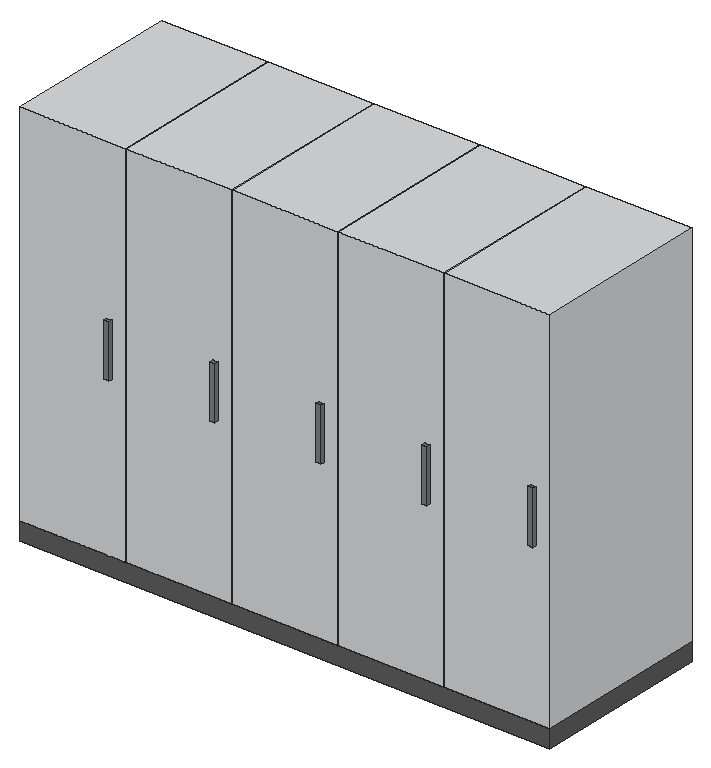
Revit family "EQ_LVMDP Switchboard 5 Cubicle", category Electrical Equipment, Revit 2025
Family settings
  Round Connector Dimension = Use Diameter
  Part Type = Switchboard
  OmniClass Number = 23.80.30.11.17
  OmniClass Title = Distribution Boards and Control Panels
  Work Plane-Based = No
  Always vertical = Yes
  Cut with Voids When Loaded = No
  Maintain Annotation Orientation = No
  Shared = No
  Room Calculation Point = No
Parameters (values of type "1600A 400/230V 4P 50kA")
  Width = 3000 mm
  built-in parameter 1140142 [instance] = -1
  Short Circuit Rating = "50 kA / 1 s"
  Rated Current = "1600 A"
  built-in parameter 1140140 [instance] = 1 (stored number, unit not read)
  Height = 2200 mm
  Form = "Form 3b, IP42"
  built-in parameter 1155100 [instance] = -1
  EL Voltage [instance] = 400 V
  EL Number of Poles [instance] = 3
  Depth = 1000 mm
  Default Elevation = 0 mm
Reference planes
  plane 1 "Center (Front/Back)": y = 0
  plane 2: z = 0
  plane 3 "Center (Left/Right)": x = 0
  plane 4 "Front": y = -500
  plane 5 "Back": y = 500
  plane 6 "Top": z = 2200
  plane 7 "Left": x = -1500
  plane 8 "Div1": x = -900
  plane 9 "Div2": x = -300
  plane 10 "Div3": x = 300
  plane 11 "Div4": x = 900
  plane 12 "Right": x = 1500
Forms (mm)
  Extrusion 1, solid, material "Plinth Black"
    sketch origin (0, 0, 0) x (1, 0, 0) y (0, 1, 0)
      loop
        line (-1500, -500) -> (1500, -500) -> (1500, 500) -> (-1500, 500) -> (-1500, -500)
    from 0 to 100
  Extrusion 2, solid, material "Switchboard RAL7035"
    sketch origin (0, 0, 100) x (1, 0, 0) y (0, 1, 0)
      loop
        line (-1500, -500) -> (-900, -500) -> (-900, 500) -> (-1500, 500) -> (-1500, -500)
    from 0 to 2100
  Extrusion 3, solid, material "Handle Grey"
    sketch origin (0, 0, 1000) x (1, 0, 0) y (0, 1, 0)
      loop
        line (-1010, -520) -> (-980, -520) -> (-980, -500) -> (-1010, -500) -> (-1010, -520)
    from 0 to 300
  Extrusion 4, solid, material "Switchboard RAL7035"
    sketch origin (0, 0, 100) x (1, 0, 0) y (0, 1, 0)
      loop
        line (-900, -500) -> (-300, -500) -> (-300, 500) -> (-900, 500) -> (-900, -500)
    from 0 to 2100
  Extrusion 5, solid, material "Handle Grey"
    sketch origin (0, 0, 1000) x (1, 0, 0) y (0, 1, 0)
      loop
        line (-410, -520) -> (-380, -520) -> (-380, -500) -> (-410, -500) -> (-410, -520)
    from 0 to 300
  Extrusion 6, solid, material "Switchboard RAL7035"
    sketch origin (0, 0, 100) x (1, 0, 0) y (0, 1, 0)
      loop
        line (-300, -500) -> (300, -500) -> (300, 500) -> (-300, 500) -> (-300, -500)
    from 0 to 2100
  Extrusion 7, solid, material "Handle Grey"
    sketch origin (0, 0, 1000) x (1, 0, 0) y (0, 1, 0)
      loop
        line (190, -520) -> (220, -520) -> (220, -500) -> (190, -500) -> (190, -520)
    from 0 to 300
  Extrusion 8, solid, material "Switchboard RAL7035"
    sketch origin (0, 0, 100) x (1, 0, 0) y (0, 1, 0)
      loop
        line (300, -500) -> (900, -500) -> (900, 500) -> (300, 500) -> (300, -500)
    from 0 to 2100
  Extrusion 9, solid, material "Handle Grey"
    sketch origin (0, 0, 1000) x (1, 0, 0) y (0, 1, 0)
      loop
        line (790, -520) -> (820, -520) -> (820, -500) -> (790, -500) -> (790, -520)
    from 0 to 300
  Extrusion 10, solid, material "Switchboard RAL7035"
    sketch origin (0, 0, 100) x (1, 0, 0) y (0, 1, 0)
      loop
        line (900, -500) -> (1500, -500) -> (1500, 500) -> (900, 500) -> (900, -500)
    from 0 to 2100
  Extrusion 11, solid, material "Handle Grey"
    sketch origin (0, 0, 1000) x (1, 0, 0) y (0, 1, 0)
      loop
        line (1390, -520) -> (1420, -520) -> (1420, -500) -> (1390, -500) -> (1390, -520)
    from 0 to 300
Dimensions and locks
  equal spacing: plane 4 "Front", plane 1 "Center (Front/Back)", plane 5 "Back"
  "Depth": plane 4 "Front" to plane 5 "Back"
  "Height": level to plane 6 "Top"
  equal spacing: plane 7 "Left", plane 8 "Div1", plane 9 "Div2", plane 10 "Div3", plane 11 "Div4", plane 12 "Right"
  equal spacing: plane 7 "Left", plane 3 "Center (Left/Right)", plane 12 "Right"
  "Width": plane 7 "Left" to plane 12 "Right"
  aligned and locked: level to plane 2
  aligned and locked: Extrusion 1 to level
  aligned and locked: Extrusion 1 to plane 12 "Right"
  aligned and locked: plane 5 "Back" to Extrusion 1
  aligned and locked: plane 7 "Left" to Extrusion 1
  aligned and locked: Extrusion 1 to plane 4 "Front"
  aligned and locked: Extrusion 2 to plane 6 "Top"
  aligned and locked: Extrusion 2 to plane 8 "Div1"
  aligned and locked: plane 5 "Back" to Extrusion 2
  aligned and locked: plane 7 "Left" to Extrusion 2
  aligned and locked: Extrusion 2 to plane 4 "Front"
  aligned and locked: plane 4 "Front" to Extrusion 3
  aligned and locked: Extrusion 4 to plane 6 "Top"
  aligned and locked: Extrusion 4 to plane 9 "Div2"
  aligned and locked: plane 5 "Back" to Extrusion 4
  aligned and locked: plane 8 "Div1" to Extrusion 4
  aligned and locked: Extrusion 4 to plane 4 "Front"
  aligned and locked: plane 4 "Front" to Extrusion 5
  aligned and locked: Extrusion 6 to plane 6 "Top"
  aligned and locked: Extrusion 6 to plane 10 "Div3"
  aligned and locked: plane 5 "Back" to Extrusion 6
  aligned and locked: plane 9 "Div2" to Extrusion 6
  aligned and locked: Extrusion 6 to plane 4 "Front"
  aligned and locked: plane 4 "Front" to Extrusion 7
  aligned and locked: Extrusion 8 to plane 6 "Top"
  aligned and locked: Extrusion 8 to plane 11 "Div4"
  aligned and locked: plane 5 "Back" to Extrusion 8
  aligned and locked: plane 10 "Div3" to Extrusion 8
  aligned and locked: Extrusion 8 to plane 4 "Front"
  aligned and locked: plane 4 "Front" to Extrusion 9
  aligned and locked: Extrusion 10 to plane 6 "Top"
  aligned and locked: Extrusion 10 to plane 12 "Right"
  aligned and locked: plane 5 "Back" to Extrusion 10
  aligned and locked: plane 11 "Div4" to Extrusion 10
  aligned and locked: Extrusion 10 to plane 4 "Front"
  aligned and locked: plane 4 "Front" to Extrusion 11
Automatic sketch dimensions
  Extrusion 1 sketch curve to plane 4 "Front" = 0 mm
  Extrusion 1 sketch curve to plane 7 "Left" = 0 mm
  Extrusion 1 sketch curve to plane 5 "Back" = 0 mm
  Extrusion 1 sketch curve to plane 12 "Right" = 0 mm
  Extrusion 2 sketch curve to plane 4 "Front" = 0 mm
  Extrusion 2 sketch curve to plane 7 "Left" = 0 mm
  Extrusion 2 sketch curve to plane 5 "Back" = 0 mm
  Extrusion 2 sketch curve to plane 8 "Div1" = 0 mm
  Extrusion 3 sketch curve to plane 4 "Front" = 0 mm
  Extrusion 3 sketch curve to plane 4 "Front" = 20 mm
  plane 8 "Div1" to Extrusion 3 sketch curve = 110 mm
  Extrusion 3 sketch curve to Extrusion 3 sketch curve = 30 mm
  Extrusion 4 sketch curve to plane 4 "Front" = 0 mm
  Extrusion 4 sketch curve to plane 8 "Div1" = 0 mm
  Extrusion 4 sketch curve to plane 5 "Back" = 0 mm
  Extrusion 4 sketch curve to plane 9 "Div2" = 0 mm
  Extrusion 5 sketch curve to plane 4 "Front" = 0 mm
  Extrusion 5 sketch curve to plane 4 "Front" = 20 mm
  plane 9 "Div2" to Extrusion 5 sketch curve = 110 mm
  Extrusion 5 sketch curve to Extrusion 5 sketch curve = 30 mm
  Extrusion 6 sketch curve to plane 4 "Front" = 0 mm
  Extrusion 6 sketch curve to plane 9 "Div2" = 0 mm
  Extrusion 6 sketch curve to plane 5 "Back" = 0 mm
  Extrusion 6 sketch curve to plane 10 "Div3" = 0 mm
  Extrusion 7 sketch curve to plane 4 "Front" = 0 mm
  Extrusion 7 sketch curve to plane 4 "Front" = 20 mm
  plane 10 "Div3" to Extrusion 7 sketch curve = 110 mm
  Extrusion 7 sketch curve to Extrusion 7 sketch curve = 30 mm
  Extrusion 8 sketch curve to plane 4 "Front" = 0 mm
  Extrusion 8 sketch curve to plane 10 "Div3" = 0 mm
  Extrusion 8 sketch curve to plane 5 "Back" = 0 mm
  Extrusion 8 sketch curve to plane 11 "Div4" = 0 mm
  Extrusion 9 sketch curve to plane 4 "Front" = 0 mm
  Extrusion 9 sketch curve to plane 4 "Front" = 20 mm
  plane 11 "Div4" to Extrusion 9 sketch curve = 110 mm
  Extrusion 9 sketch curve to Extrusion 9 sketch curve = 30 mm
  Extrusion 10 sketch curve to plane 4 "Front" = 0 mm
  Extrusion 10 sketch curve to plane 11 "Div4" = 0 mm
  Extrusion 10 sketch curve to plane 5 "Back" = 0 mm
  Extrusion 10 sketch curve to plane 12 "Right" = 0 mm
  Extrusion 11 sketch curve to plane 4 "Front" = 0 mm
  Extrusion 11 sketch curve to plane 4 "Front" = 20 mm
  plane 12 "Right" to Extrusion 11 sketch curve = 110 mm
  Extrusion 11 sketch curve to Extrusion 11 sketch curve = 30 mm
Connectors
  electrical at (0, 0, 2200), driven by "EL Voltage", driven by "EL Number of Poles"
    settings: on Extrusion 6, index 1, voltage 400 V, apparent load 0 VA, apparent load phase1 0 VA, apparent load phase2 0 VA, apparent load phase3 0 VA, power factor 1, load classification "Other", number of poles 3, system type 30, power factor state 1, is connector primary yes, connector utility no, sub classification motor no, connector description ""
